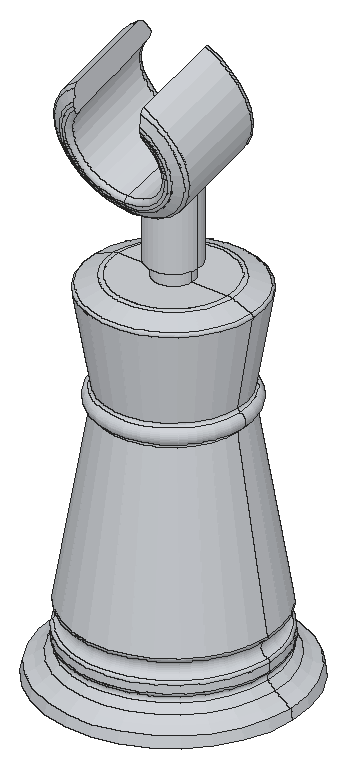
Revit family "Accessory-Handshower_Holder-KOHLER-ARCHER-K-8451X", category Specialty Equipment, host Face, Revit 2017
Family settings
  Host = Face
  Round Connector Dimension = Use Diameter
  Part Type = Normal
  OmniClass Number = 23.31.25.00
  OmniClass Title = Toilet and Bath Specialties
  Cut with Voids When Loaded = No
  Shared = No
  Room Calculation Point = No
Parameters (values of type "CP- Polished chrome")
  Width = 2 73/256"  # constant formula
  WaterSense Certified = 1 = 0  # no
  URL = "https://www.kohler.co.th/"
  Type = 1
  Product Page URL = "https://www.kohler.co.th/en/productDetails/8451X?skuid=8451X-CP"
  Product Name = "ARCHER"  # constant formula
  Product Documentation Link = "http://resources.kohler.com/plumbing/kohlerapac/pdf/1153010-X4-A.pdf"
  Model = if(Type = 1, "K-8451X-CP", "NA")  # "K-8451X-CP"
  Material = "Brass construction"  # constant formula
  Master Format 2014 Name = "Toilet, Bath, and Laundry Accessories"  # constant formula
  Master Format 2014 = "10 28 00"  # constant formula
  Manufacturer Address = "16th Floor, Jasmine City Building 2, Soi Sukhumvit 23, Sukhumvit Road, Khlong Toei Nuea, Watthana, Bangkok 10110\r\n"  # constant formula
  Manufacturer = "KOHLER Co."  # constant formula
  Length = 5 111/256"  # constant formula
  Height = 2 73/256"  # constant formula
  Finish = Kohler-Metal-CP-Polished_Chrome
  Environmental Product Declaration = ""
  Description = "Shower Bracket"  # constant formula
  Default Elevation = 42"
  Declare Label = ""
  Date Modified = "09/23/2020"  # constant formula
  Date Created = "09/23/2020"  # constant formula
  Copyright = "Copyright KOHLER Co."  # constant formula
  Contact Us = "https://www.kohler.co.th/contact-us"
  Assembly Code = "C1030200"
  ADA Compliant = 1 = 0  # no
Reference planes (in)
  plane 1 "Center (Front/Back)": y = 0
  plane 2: z = 0
  plane 3 "Center (Left/Right)": x = 0
  plane 4: x = -1.14173
  plane 5: y = 1.14173
  plane 6: x = 1.14342
  plane 7: y = -1.14342
  plane 8: z = 5.43359
  plane 9: through (0, -1.14173, 4.59954) normal (0, 0.2588, -0.9659)
  plane 10: y = -1.14173
Dimensions and locks (in)
  "Height": plane 7 to plane 5
  "Width": plane 4 to plane 6
  "Length": level to plane 8
  locked: plane 1 "Center (Front/Back)" to plane 9 (angle 75.00°)
  aligned and locked: plane 2 to host face
  aligned and locked: level to host face
  aligned and locked: plane 1 "Center (Front/Back)" to nested 1
  aligned and locked: plane 3 "Center (Left/Right)" to nested 1
  aligned and locked: plane 4 to nested 1
  aligned and locked: plane 5 to nested 1
  aligned and locked: plane 7 to nested 1
  aligned and locked: plane 6 to nested 1
  aligned and locked: plane 9 to nested 1
Automatic sketch dimensions
  host sketch curve to host sketch curve = 96"  (x2)
Nested families (in)
  nested 1: "K-8451X" at (0, 0, 0), type "K-8451X"
Definition of nested family "K-8451X"
  Parameters (values of type "K-8451X")
    Material = none
  Reference planes (in)
    plane 1 "Center (Front/Back)": y = 0
    plane 2: z = 0
    plane 3 "Center (Left/Right)": x = 0
    plane 4: x = -1.14173
    plane 5: y = 1.14173
    plane 6: y = -1.14173
    plane 7: x = 1.14173
    plane 8: z = 5.43307
    plane 9: through (0, 0.23987, 4.96974) normal (0, -0.2588, 0.9659)
  Forms (in)
    Revolve 1, solid, material <- "Material", detail levels medium+fine
      sketch origin (0, 0, 0) x (1, 0, 0) y (0, 0, 1)
        loop
          line (-0.17717, 3.40907) -> (-0.52263, 3.40907)
          arc (-0.52263, 3.40907) -> (-0.54346, 3.40702) -> (-0.5635, 3.40094) r 0.10679
          line (-0.5635, 3.40094) -> (-0.73942, 3.32806)
          arc (-0.73942, 3.32806) -> (-0.75442, 3.31464) -> (-0.75775, 3.29478) r 0.03042
          line (-0.75775, 3.29478) -> (-0.61785, 2.48471)
          arc (-0.61785, 2.48471) -> (-0.62111, 2.466) -> (-0.63549, 2.45359) r 0.0282
          arc (-0.63549, 2.45359) -> (-0.68451, 2.38352) -> (-0.63807, 2.31171) r 0.07659
          arc (-0.63807, 2.31171) -> (-0.6232, 2.29817) -> (-0.61992, 2.27833) r 0.03066
          line (-0.61992, 2.27833) -> (-0.90349, 0.63039)
          arc (-0.90349, 0.63039) -> (-0.90026, 0.60988) -> (-0.88523, 0.59555) r 0.03237
          arc (-0.88523, 0.59555) -> (-0.83778, 0.51538) -> (-0.89553, 0.44228) r 0.08232
          arc (-0.89553, 0.44228) -> (-0.91157, 0.43087) -> (-0.91771, 0.41218) r 0.03151
          line (-0.91771, 0.41218) -> (-0.91771, 0.33935)
          arc (-0.91771, 0.33935) -> (-0.91461, 0.32383) -> (-0.90577, 0.3107) r 0.04032
          arc (-0.90577, 0.3107) -> (-0.89448, 0.2849) -> (-0.90395, 0.25838) r 0.03818
          arc (-0.90395, 0.25838) -> (-0.93542, 0.22425) -> (-0.96851, 0.19168) r 0.9557
          arc (-0.96851, 0.19168) -> (-1.03996, 0.13609) -> (-1.12035, 0.09449) r 0.49348
          line (-1.12035, 0.09449) -> (-1.14173, 0) -> (0, 0) -> (0, 4.35286) -> (-0.23622, 4.35286) -> (-0.23622, 3.54474) -> (-0.17717, 3.54474) -> (-0.17717, 3.40907)
        axis (0, 4.35286) -> (0, 0)
      angle from 0 to 360
    Revolve 2, solid, material <- "Material", detail levels medium+fine
      sketch origin (0, 0, 0) x (0, 1, 0) y (0, 0, 1)
        loop
          line (0.29694, 4.51373) -> (-0.54608, 4.3191)
          arc (-0.54608, 4.3191) -> (-0.57095, 4.30103) -> (-0.57523, 4.27059) r 0.03934
          line (-0.57523, 4.27059) -> (-0.5671, 4.24023)
          arc (-0.5671, 4.24023) -> (-0.56115, 4.22588) -> (-0.55169, 4.21355) r 0.05952
          line (-0.55169, 4.21355) -> (-0.48395, 4.14581)
          arc (-0.48395, 4.14581) -> (-0.46482, 4.13477) -> (-0.44274, 4.13477) r 0.04266
          line (-0.44274, 4.13477) -> (0.29243, 4.33175)
          arc (0.29243, 4.33175) -> (0.31011, 4.34196) -> (0.32031, 4.35964) r 0.03943
          line (0.32031, 4.35964) -> (0.34756, 4.46132)
          arc (0.34756, 4.46132) -> (0.33708, 4.50184) -> (0.29694, 4.51373) r 0.0425
        axis (0.21324, 4.9626) -> (-0.69542, 4.71913)
      angle from 0 to 360
    Extrusion 3, void
      sketch origin (0, 0, 0) x (1, 0, 0) y (0, 0, 1)
        loop
          line (-0.31496, 5.57398) -> (-0.31496, 4.78695) -> (0.31496, 4.78695) -> (0.31496, 5.57398) -> (-0.31496, 5.57398)
      from 2.3622 to -0.64562
    Revolve 4, solid, material <- "Material", detail levels coarse
      sketch origin (0, 0, 0) x (1, 0, 0) y (0, 0, 1)
        loop
          line (-1.14173, 0) -> (0, 0) -> (0, 4.28301) -> (-0.23622, 4.28301) -> (-0.23622, 3.40907) -> (-0.90494, 3.40907) -> (-0.90494, 0.62669) -> (-1.14173, 0.62669) -> (-1.14173, 0)
        axis (0, 4.28301) -> (0, 0)
      angle from 0 to 360
    Revolve 5, solid, material <- "Material", detail levels coarse
      sketch origin (0, 0, 0) x (0, 1, 0) y (0, 0, 1)
        loop
          line (-0.5324, 4.11074) -> (0.38176, 4.35569) -> (0.33691, 4.52307) -> (-0.5858, 4.31004) -> (-0.5324, 4.11074)
        axis (0.21874, 4.96408) -> (-0.69542, 4.71913)
      angle from 0 to 360
  Cuts and joins
    Extrusion 3 cuts Revolve 2
    joined: Revolve 1, Revolve 2
    Extrusion 3 cuts Revolve 5
    joined: Revolve 4, Revolve 5
  Lines and regions (in)
    Masking region 1
      outline origin (0, 0, 0) x (1, 0, 0) y (0, 1, 0)
        loop
          circle (0, 0) r 1.14173
    Masking region 2
      outline origin (0, 0, 0) x (1, 0, 0) y (0, 0, 1)
        loop
          line (-0.17717, 3.40907) -> (-0.52263, 3.40907)
          arc (-0.52263, 3.40907) -> (-0.54346, 3.40702) -> (-0.5635, 3.40094) r 0.10679
          line (-0.5635, 3.40094) -> (-0.73942, 3.32806)
          arc (-0.73942, 3.32806) -> (-0.75442, 3.31464) -> (-0.75775, 3.29478) r 0.03042
          line (-0.75775, 3.29478) -> (-0.61785, 2.48471)
          arc (-0.61785, 2.48471) -> (-0.62111, 2.466) -> (-0.63549, 2.45359) r 0.0282
          arc (-0.63549, 2.45359) -> (-0.68451, 2.38352) -> (-0.63807, 2.31171) r 0.07659
          arc (-0.63807, 2.31171) -> (-0.6232, 2.29817) -> (-0.61992, 2.27833) r 0.03066
          line (-0.61992, 2.27833) -> (-0.90349, 0.63039)
          arc (-0.90349, 0.63039) -> (-0.90026, 0.60988) -> (-0.88523, 0.59555) r 0.03237
          arc (-0.88523, 0.59555) -> (-0.83778, 0.51538) -> (-0.89553, 0.44228) r 0.08232
          arc (-0.89553, 0.44228) -> (-0.91157, 0.43087) -> (-0.91771, 0.41218) r 0.03151
          line (-0.91771, 0.41218) -> (-0.91771, 0.33935)
          arc (-0.91771, 0.33935) -> (-0.91461, 0.32383) -> (-0.90577, 0.3107) r 0.04032
          arc (-0.90577, 0.3107) -> (-0.89448, 0.2849) -> (-0.90395, 0.25838) r 0.03818
          arc (-0.90395, 0.25838) -> (-0.93542, 0.22425) -> (-0.96851, 0.19168) r 0.9557
          arc (-0.96851, 0.19168) -> (-1.03996, 0.13609) -> (-1.12035, 0.09449) r 0.49348
          line (-1.12035, 0.09449) -> (-1.14173, 0) -> (0, 0) -> (1.14173, 0) -> (1.12035, 0.09449)
          arc (1.12035, 0.09449) -> (1.03996, 0.13609) -> (0.96851, 0.19168) r 0.49348
          arc (0.96851, 0.19168) -> (0.93542, 0.22425) -> (0.90395, 0.25838) r 0.9557
          arc (0.90395, 0.25838) -> (0.89448, 0.2849) -> (0.90577, 0.3107) r 0.03818
          arc (0.90577, 0.3107) -> (0.91461, 0.32383) -> (0.91771, 0.33935) r 0.04032
          line (0.91771, 0.33935) -> (0.91771, 0.41218)
          arc (0.91771, 0.41218) -> (0.91157, 0.43087) -> (0.89553, 0.44228) r 0.03151
          arc (0.89553, 0.44228) -> (0.83778, 0.51538) -> (0.88523, 0.59555) r 0.08232
          arc (0.88523, 0.59555) -> (0.90026, 0.60988) -> (0.90349, 0.63039) r 0.03237
          line (0.90349, 0.63039) -> (0.61992, 2.27833)
          arc (0.61992, 2.27833) -> (0.6232, 2.29817) -> (0.63807, 2.31171) r 0.03066
          arc (0.63807, 2.31171) -> (0.68451, 2.38352) -> (0.63549, 2.45359) r 0.07659
          arc (0.63549, 2.45359) -> (0.62111, 2.466) -> (0.61785, 2.48471) r 0.0282
          line (0.61785, 2.48471) -> (0.75775, 3.29478)
          arc (0.75775, 3.29478) -> (0.75442, 3.31464) -> (0.73942, 3.32806) r 0.03042
          line (0.73942, 3.32806) -> (0.5635, 3.40094)
          arc (0.5635, 3.40094) -> (0.54346, 3.40702) -> (0.52263, 3.40907) r 0.10679
          line (0.52263, 3.40907) -> (0.17717, 3.40907) -> (0.17717, 3.54474) -> (0.23622, 3.54474) -> (0.23622, 4.17779)
          arc (0.23622, 4.17779) -> (0.51547, 4.39278) -> (0.62985, 4.72611) r 0.61198
          line (0.62985, 4.72611) -> (0.62985, 4.94079)
          arc (0.62985, 4.94079) -> (0.56419, 5.21236) -> (0.38302, 5.42506) r 0.60207
          arc (0.38302, 5.42506) -> (0.33838, 5.42867) -> (0.31496, 5.3905) r 0.0428
          line (0.31496, 5.3905) -> (0.31496, 5.00439)
          arc (0.31496, 5.00439) -> (0.38511, 4.90369) -> (0.42052, 4.78618) r 0.39026
          arc (0.42052, 4.78618) -> (0.25126, 4.58697) -> (0, 4.51483) r 0.45189
          arc (0, 4.51483) -> (-0.25126, 4.58697) -> (-0.42052, 4.78618) r 0.45189
          arc (-0.42052, 4.78618) -> (-0.38511, 4.90369) -> (-0.31496, 5.00439) r 0.39026
          line (-0.31496, 5.00439) -> (-0.31496, 5.3905)
          arc (-0.31496, 5.3905) -> (-0.33838, 5.42867) -> (-0.38302, 5.42506) r 0.0428
          arc (-0.38302, 5.42506) -> (-0.56419, 5.21236) -> (-0.62985, 4.94079) r 0.60207
          line (-0.62985, 4.94079) -> (-0.62985, 4.72611)
          arc (-0.62985, 4.72611) -> (-0.51547, 4.39278) -> (-0.23622, 4.17779) r 0.61198
          line (-0.23622, 4.17779) -> (-0.23622, 3.54474) -> (-0.17717, 3.54474) -> (-0.17717, 3.40907)
    Masking region 3
      outline origin (0, 0, 0) x (0, 1, 0) y (0, 0, 1)
        loop
          line (-0.17717, 3.40907) -> (-0.52263, 3.40907)
          arc (-0.52263, 3.40907) -> (-0.54346, 3.40702) -> (-0.5635, 3.40094) r 0.10679
          line (-0.5635, 3.40094) -> (-0.73942, 3.32806)
          arc (-0.73942, 3.32806) -> (-0.75442, 3.31464) -> (-0.75775, 3.29478) r 0.03042
          line (-0.75775, 3.29478) -> (-0.61785, 2.48471)
          arc (-0.61785, 2.48471) -> (-0.62111, 2.466) -> (-0.63549, 2.45359) r 0.0282
          arc (-0.63549, 2.45359) -> (-0.68451, 2.38352) -> (-0.63807, 2.31171) r 0.07659
          arc (-0.63807, 2.31171) -> (-0.6232, 2.29817) -> (-0.61992, 2.27833) r 0.03066
          line (-0.61992, 2.27833) -> (-0.90349, 0.63039)
          arc (-0.90349, 0.63039) -> (-0.90026, 0.60988) -> (-0.88523, 0.59555) r 0.03237
          arc (-0.88523, 0.59555) -> (-0.83778, 0.51538) -> (-0.89553, 0.44228) r 0.08232
          arc (-0.89553, 0.44228) -> (-0.91157, 0.43087) -> (-0.91771, 0.41218) r 0.03151
          line (-0.91771, 0.41218) -> (-0.91771, 0.33935)
          arc (-0.91771, 0.33935) -> (-0.91461, 0.32383) -> (-0.90577, 0.3107) r 0.04032
          arc (-0.90577, 0.3107) -> (-0.89448, 0.2849) -> (-0.90395, 0.25838) r 0.03818
          arc (-0.90395, 0.25838) -> (-0.93542, 0.22425) -> (-0.96851, 0.19168) r 0.9557
          arc (-0.96851, 0.19168) -> (-1.03996, 0.13609) -> (-1.12035, 0.09449) r 0.49348
          line (-1.12035, 0.09449) -> (-1.14173, 0) -> (0, 0) -> (1.14173, 0) -> (1.12035, 0.09449)
          arc (1.12035, 0.09449) -> (1.03996, 0.13609) -> (0.96851, 0.19168) r 0.49348
          arc (0.96851, 0.19168) -> (0.93542, 0.22425) -> (0.90395, 0.25838) r 0.9557
          arc (0.90395, 0.25838) -> (0.89448, 0.2849) -> (0.90577, 0.3107) r 0.03818
          arc (0.90577, 0.3107) -> (0.91461, 0.32383) -> (0.91771, 0.33935) r 0.04032
          line (0.91771, 0.33935) -> (0.91771, 0.41218)
          arc (0.91771, 0.41218) -> (0.91157, 0.43087) -> (0.89553, 0.44228) r 0.03151
          arc (0.89553, 0.44228) -> (0.83778, 0.51538) -> (0.88523, 0.59555) r 0.08232
          arc (0.88523, 0.59555) -> (0.90026, 0.60988) -> (0.90349, 0.63039) r 0.03237
          line (0.90349, 0.63039) -> (0.61992, 2.27833)
          arc (0.61992, 2.27833) -> (0.6232, 2.29817) -> (0.63807, 2.31171) r 0.03066
          arc (0.63807, 2.31171) -> (0.68451, 2.38352) -> (0.63549, 2.45359) r 0.07659
          arc (0.63549, 2.45359) -> (0.62111, 2.466) -> (0.61785, 2.48471) r 0.0282
          line (0.61785, 2.48471) -> (0.75775, 3.29478)
          arc (0.75775, 3.29478) -> (0.75442, 3.31464) -> (0.73942, 3.32806) r 0.03042
          line (0.73942, 3.32806) -> (0.5635, 3.40094)
          arc (0.5635, 3.40094) -> (0.54346, 3.40702) -> (0.52263, 3.40907) r 0.10679
          line (0.52263, 3.40907) -> (0.17717, 3.40907) -> (0.17717, 3.54474) -> (0.23622, 3.54474) -> (0.23622, 4.26898)
          arc (0.23622, 4.26898) -> (0.25115, 4.3094) -> (0.28876, 4.33041) r 0.06218
          arc (0.28876, 4.33041) -> (0.30855, 4.33983) -> (0.32001, 4.35851) r 0.03855
          line (0.32001, 4.35851) -> (0.34616, 4.4561)
          arc (0.34616, 4.4561) -> (0.3483, 4.47232) -> (0.34616, 4.48853) r 0.06265
          line (0.34616, 4.48853) -> (0.12262, 5.3228)
          arc (0.12262, 5.3228) -> (0.11636, 5.33791) -> (0.10641, 5.35088) r 0.06265
          line (0.10641, 5.35088) -> (0.03571, 5.42158)
          arc (0.03571, 5.42158) -> (0.01812, 5.43173) -> (-0.00219, 5.43173) r 0.03923
          line (-0.00219, 5.43173) -> (-0.06771, 5.41418) -> (-0.73686, 5.23488)
          arc (-0.73686, 5.23488) -> (-0.75647, 5.22355) -> (-0.7678, 5.20394) r 0.04376
          line (-0.7678, 5.20394) -> (-0.7924, 5.11212)
          arc (-0.7924, 5.11212) -> (-0.79445, 5.0966) -> (-0.7924, 5.08108) r 0.05995
          line (-0.7924, 5.08108) -> (-0.56713, 4.24035)
          arc (-0.56713, 4.24035) -> (-0.56114, 4.22589) -> (-0.55161, 4.21347) r 0.05995
          line (-0.55161, 4.21347) -> (-0.4844, 4.14626)
          arc (-0.4844, 4.14626) -> (-0.46478, 4.13493) -> (-0.44213, 4.13493) r 0.04376
          line (-0.44213, 4.13493) -> (-0.27392, 4.18)
          arc (-0.27392, 4.18) -> (-0.24794, 4.17483) -> (-0.23622, 4.15108) r 0.02995
          line (-0.23622, 4.15108) -> (-0.23622, 3.54474) -> (-0.17717, 3.54474) -> (-0.17717, 3.40907)
    symbolic lines, detail levels medium+fine
      curve 1: circle (0, 0, 0) r 1.12035 normal (0, 0, 1)
      curve 2: circle (0, 0, 0) r 0.91872 normal (0, 0, 1)
      curve 3: circle (0, 0, 0) r 0.90391 normal (0, 0, 1)
      curve 4: arc (0.00001, -0.75789, 0) -> (0.16117, -0.74055, 0) -> (0.31496, -0.68934, 0) r 0.75789
      curve 5: arc (-0.01428, -0.7385, 0) -> (0.15441, -0.72232, 0) -> (0.31496, -0.66812, 0) r 0.73864
      curve 6: arc (-0.47886, 0.27009, 0) -> (0, 0.54978, 0) -> (0.47886, 0.27009, 0) r 0.54978
      curve 7: arc (-0.46075, 0.27732, 0) -> (0, 0.53777, 0) -> (0.46075, 0.27732, 0) r 0.53777
      curve 8: line (-0.31496, 0.08987, 0) -> (-0.31496, -0.75022, 0)
      curve 9: line (-0.37795, -0.001, 0) -> (-0.37795, -0.73804, 0)
      curve 10: line (-0.62992, 0.12434, 0) -> (-0.62992, -0.60959, 0)
      curve 11: arc (-0.31496, -0.68934, 0) -> (-0.16116, -0.74055, 0) -> (0.00001, -0.75789, 0) r 0.75789
      curve 12: arc (-0.31496, -0.66812, 0) -> (-0.16834, -0.7192, 0) -> (-0.01428, -0.7385, 0) r 0.73864
      curve 13: arc (0.62992, -0.38573, 0) -> (0, 0.73864, 0) -> (-0.62992, -0.38573, 0) r 0.73864
      curve 14: arc (0.62992, -0.42142, 0) -> (0, 0.75789, 0) -> (-0.62992, -0.42142, 0) r 0.75789
      curve 15: arc (-0.31496, -0.58236, 0) -> (0, -0.54536, 0) -> (0.31496, -0.58236, 0) r 1.35933
      curve 16: arc (-0.31496, -0.60965, 0) -> (0, -0.57557, 0) -> (0.31496, -0.60965, 0) r 1.47269
      curve 17: arc (-0.62992, -0.60959, 0) -> (-0.62676, -0.63096, 0) -> (-0.61755, -0.6505, 0) r 0.07384
      curve 18: arc (-0.61755, -0.6505, 0) -> (-0.59133, -0.68102, 0) -> (-0.55847, -0.70425, 0) r 0.16439
      curve 19: arc (-0.55847, -0.70425, 0) -> (-0.49344, -0.73722, 0) -> (-0.42693, -0.76708, 0) r 1.54526
      curve 20: arc (-0.42693, -0.76708, 0) -> (-0.3936, -0.779, 0) -> (-0.35916, -0.78718, 0) r 0.32145
      curve 21: arc (-0.35916, -0.78718, 0) -> (-0.32843, -0.77903, 0) -> (-0.31496, -0.75022, 0) r 0.03755
      curve 22: arc (-0.62992, -0.60959, 0) -> (-0.60957, -0.64843, 0) -> (-0.57425, -0.67441, 0) r 0.09742
      curve 23: arc (-0.57425, -0.67441, 0) -> (-0.5641, -0.67925, 0) -> (-0.55434, -0.68485, 0) r 0.14861
      curve 24: arc (-0.55434, -0.68485, 0) -> (-0.5287, -0.6982, 0) -> (-0.50129, -0.70736, 0) r 0.18383
      curve 25: arc (-0.37795, -0.73804, 0) -> (-0.44036, -0.72566, 0) -> (-0.50129, -0.70736, 0) r 0.66256
      curve 26: arc (-0.31496, -0.72989, 0) -> (-0.32925, -0.73815, 0) -> (-0.34567, -0.73987, 0) r 0.03958
      curve 27: arc (-0.34567, -0.73987, 0) -> (-0.36187, -0.73995, 0) -> (-0.37795, -0.73804, 0) r 0.13111
      curve 28: arc (-0.31496, -0.72989, 0) -> (-0.33118, -0.76135, 0) -> (-0.36614, -0.7669, 0) r 0.03919
      curve 29: arc (-0.36614, -0.7669, 0) -> (-0.44499, -0.74945, 0) -> (-0.52132, -0.72309, 0) r 0.70375
      curve 30: arc (-0.37795, -0.73804, 0) -> (-0.37586, -0.75403, 0) -> (-0.36614, -0.7669, 0) r 0.03154
      curve 31: spline (-0.62992, 0.12434, 0) -> (-0.62454, 0.1536, 0) -> (-0.60849, 0.18236, 0) -> (-0.58205, 0.21012, 0) -> (-0.54566, 0.23643, 0) -> (-0.49996, 0.26081, 0) -> (-0.44571, 0.28287, 0) -> (-0.38385, 0.30222, 0) -> (-0.31543, 0.31853, 0) -> (-0.24162, 0.33152, 0) -> (-0.16369, 0.34097, 0) -> (-0.08296, 0.34672, 0) -> (-0.00081, 0.34868, 0)
      curve 32: arc (-0.62992, 0.12434, 0) -> (-0.61343, 0.09223, 0) -> (-0.58544, 0.06941, 0) r 0.08818
      curve 33: arc (-0.58544, 0.06941, 0) -> (-0.48435, 0.02638, 0) -> (-0.37795, -0.001, 0) r 0.73016
      curve 34: arc (-0.37795, -0.001, 0) -> (-0.36012, -0.00293, 0) -> (-0.34218, -0.0024, 0) r 0.13052
      curve 35: arc (-0.34218, -0.0024, 0) -> (-0.33292, -0.00114, 0) -> (-0.32378, 0.00078, 0) r 0.12928
      curve 36: arc (-0.32378, 0.00078, 0) -> (-0.31875, 0.00311, 0) -> (-0.31496, 0.00715, 0) r 0.01457
      curve 37: arc (-0.31496, 0.00715, 0) -> (-0.33364, 0.03385, 0) -> (-0.36615, 0.03602, 0) r 0.03769
      curve 38: arc (-0.36615, 0.03602, 0) -> (-0.44861, 0.05511, 0) -> (-0.52839, 0.0834, 0) r 0.74879
      curve 39: arc (-0.52839, 0.0834, 0) -> (-0.56687, 0.10458, 0) -> (-0.60005, 0.13337, 0) r 0.20781
      curve 40: arc (-0.60005, 0.13337, 0) -> (-0.61172, 0.16608, 0) -> (-0.59595, 0.19701, 0) r 0.04385
      curve 41: line (-0.36615, 0.03602, 0) -> (-0.36825, 0.11678, 0)
      curve 42: line (-0.36825, 0.11678, 0) -> (-0.33661, 0.11402, 0)
      curve 43: arc (-0.33661, 0.11402, 0) -> (-0.32101, 0.10622, 0) -> (-0.31496, 0.08987, 0) r 0.02372
      curve 44: spline (-0.45538, 0.18147, 0) -> (-0.45147, 0.19676, 0) -> (-0.43982, 0.21179, 0) -> (-0.42062, 0.2263, 0) -> (-0.3942, 0.24004, 0) -> (-0.36102, 0.25278, 0) -> (-0.32164, 0.26429, 0) -> (-0.27675, 0.27438, 0) -> (-0.22711, 0.28288, 0) -> (-0.17357, 0.28963, 0) -> (-0.11705, 0.29453, 0) -> (-0.05852, 0.29749, 0) -> (0.00101, 0.29846, 0)
      curve 45: arc (-0.45538, 0.18147, 0) -> (-0.40333, 0.14754, 0) -> (-0.34437, 0.12795, 0) r 0.24234
      curve 46: arc (-0.34437, 0.12795, 0) -> (-0.32249, 0.11445, 0) -> (-0.31496, 0.08987, 0) r 0.03645
      curve 47: spline (-0.46749, 0.27168, 0) -> (-0.41705, 0.29299, 0) -> (-0.35229, 0.31153, 0) -> (-0.27544, 0.32666, 0) -> (-0.18913, 0.33785, 0) -> (-0.09633, 0.34473, 0) -> (-0.00022, 0.34705, 0) -> (0.0959, 0.34475, 0) -> (0.18873, 0.33789, 0) -> (0.27508, 0.32671, 0) -> (0.35198, 0.31161, 0) -> (0.41679, 0.29308, 0) -> (0.4673, 0.27178, 0)
      curve 48: spline (-0.36823, 0.116, 0) -> (-0.40398, 0.12644, 0) -> (-0.43545, 0.13778, 0) -> (-0.4623, 0.14991, 0) -> (-0.48426, 0.16269, 0) -> (-0.50109, 0.176, 0) -> (-0.51261, 0.18969, 0) -> (-0.5187, 0.20362, 0) -> (-0.5193, 0.21764, 0) -> (-0.5144, 0.23161, 0) -> (-0.50404, 0.24536, 0) -> (-0.48835, 0.25877, 0) -> (-0.46749, 0.27168, 0)
      curve 49: spline (-0.50126, 0.21727, 0) -> (-0.49697, 0.23421, 0) -> (-0.48417, 0.25086, 0) -> (-0.46308, 0.26693, 0) -> (-0.43407, 0.28215, 0) -> (-0.39762, 0.29627, 0) -> (-0.35436, 0.30903, 0) -> (-0.30504, 0.32021, 0) -> (-0.2505, 0.32964, 0) -> (-0.19166, 0.33714, 0) -> (-0.12955, 0.34259, 0) -> (-0.06522, 0.3459, 0) -> (0.00023, 0.347, 0)
      curve 50: spline (-0.35644, 0.12563, 0) -> (-0.37857, 0.13184, 0) -> (-0.39911, 0.13841, 0) -> (-0.41796, 0.14532, 0) -> (-0.43504, 0.15253, 0) -> (-0.45029, 0.16001, 0) -> (-0.46364, 0.16773, 0) -> (-0.47504, 0.17567, 0) -> (-0.48442, 0.18378, 0) -> (-0.49177, 0.19203, 0) -> (-0.49703, 0.20038, 0) -> (-0.5002, 0.20881, 0) -> (-0.50126, 0.21727, 0)
      curve 51: arc (-0.36825, 0.11678, 0) -> (-0.35275, 0.12672, 0) -> (-0.33452, 0.1241, 0) r 0.02639
      curve 52: arc (-0.36615, 0.03602, 0) -> (-0.37493, 0.01842, 0) -> (-0.37795, -0.001, 0) r 0.06396
      curve 53: line (0.31496, 0.08987, 0) -> (0.31496, -0.75022, 0)
      curve 54: line (0.37795, -0.001, 0) -> (0.37795, -0.73804, 0)
      curve 55: line (0.62992, 0.12434, 0) -> (0.62992, -0.60959, 0)
      curve 56: arc (0.31496, -0.68934, 0) -> (0.16116, -0.74055, 0) -> (-0.00001, -0.75789, 0) r 0.75789
      curve 57: arc (0.62992, -0.60959, 0) -> (0.62676, -0.63096, 0) -> (0.61755, -0.6505, 0) r 0.07384
      curve 58: arc (0.61755, -0.6505, 0) -> (0.59133, -0.68102, 0) -> (0.55847, -0.70425, 0) r 0.16439
      curve 59: arc (0.55847, -0.70425, 0) -> (0.49344, -0.73722, 0) -> (0.42693, -0.76708, 0) r 1.54526
      curve 60: arc (0.42693, -0.76708, 0) -> (0.3936, -0.779, 0) -> (0.35916, -0.78718, 0) r 0.32145
      curve 61: arc (0.35916, -0.78718, 0) -> (0.32843, -0.77903, 0) -> (0.31496, -0.75022, 0) r 0.03755
      curve 62: arc (0.62992, -0.60959, 0) -> (0.60957, -0.64843, 0) -> (0.57425, -0.67441, 0) r 0.09742
      curve 63: arc (0.37795, -0.73804, 0) -> (0.44036, -0.72566, 0) -> (0.50129, -0.70736, 0) r 0.66256
      curve 64: arc (0.31496, -0.72989, 0) -> (0.32925, -0.73815, 0) -> (0.34567, -0.73987, 0) r 0.03958
      curve 65: arc (0.34567, -0.73987, 0) -> (0.36187, -0.73995, 0) -> (0.37795, -0.73804, 0) r 0.13111
      curve 66: arc (0.31496, -0.72989, 0) -> (0.33118, -0.76135, 0) -> (0.36614, -0.7669, 0) r 0.03919
      curve 67: arc (0.36614, -0.7669, 0) -> (0.44499, -0.74945, 0) -> (0.52132, -0.72309, 0) r 0.70375
      curve 68: arc (0.37795, -0.73804, 0) -> (0.37586, -0.75403, 0) -> (0.36614, -0.7669, 0) r 0.03154
      curve 69: spline (0.62992, 0.12434, 0) -> (0.62454, 0.1536, 0) -> (0.60849, 0.18236, 0) -> (0.58205, 0.21012, 0) -> (0.54566, 0.23643, 0) -> (0.49996, 0.26081, 0) -> (0.44571, 0.28287, 0) -> (0.38385, 0.30222, 0) -> (0.31543, 0.31853, 0) -> (0.24162, 0.33152, 0) -> (0.16369, 0.34097, 0) -> (0.08296, 0.34672, 0) -> (0.00081, 0.34868, 0)
      curve 70: arc (0.62992, 0.12434, 0) -> (0.61343, 0.09223, 0) -> (0.58544, 0.06941, 0) r 0.08818
      curve 71: arc (0.58544, 0.06941, 0) -> (0.48435, 0.02638, 0) -> (0.37795, -0.001, 0) r 0.73016
      curve 72: arc (0.37795, -0.001, 0) -> (0.34619, -0.00273, 0) -> (0.31496, 0.00327, 0) r 0.13052
      curve 73: arc (0.31496, 0.00715, 0) -> (0.33364, 0.03385, 0) -> (0.36615, 0.03602, 0) r 0.03769
      curve 74: arc (0.36615, 0.03602, 0) -> (0.44861, 0.05511, 0) -> (0.52839, 0.0834, 0) r 0.74879
      curve 75: arc (0.52839, 0.0834, 0) -> (0.56687, 0.10458, 0) -> (0.60005, 0.13337, 0) r 0.20781
      curve 76: arc (0.60005, 0.13337, 0) -> (0.61172, 0.16608, 0) -> (0.59595, 0.19701, 0) r 0.04385
      curve 77: line (0.36615, 0.03602, 0) -> (0.36825, 0.11678, 0)
      curve 78: line (0.36825, 0.11678, 0) -> (0.33661, 0.11402, 0)
      curve 79: arc (0.33661, 0.11402, 0) -> (0.32101, 0.10622, 0) -> (0.31496, 0.08987, 0) r 0.02372
      curve 80: spline (0.45538, 0.18147, 0) -> (0.45147, 0.19676, 0) -> (0.43982, 0.21179, 0) -> (0.42062, 0.2263, 0) -> (0.3942, 0.24004, 0) -> (0.36102, 0.25278, 0) -> (0.32164, 0.26429, 0) -> (0.27675, 0.27438, 0) -> (0.22711, 0.28288, 0) -> (0.17357, 0.28963, 0) -> (0.11705, 0.29453, 0) -> (0.05852, 0.29749, 0) -> (-0.00101, 0.29846, 0)
      curve 81: arc (0.45538, 0.18147, 0) -> (0.40333, 0.14754, 0) -> (0.34437, 0.12795, 0) r 0.24234
      curve 82: arc (0.34437, 0.12795, 0) -> (0.32249, 0.11445, 0) -> (0.31496, 0.08987, 0) r 0.03645
      curve 83: spline (0.36823, 0.116, 0) -> (0.404, 0.12644, 0) -> (0.43549, 0.13779, 0) -> (0.46235, 0.14993, 0) -> (0.48431, 0.16273, 0) -> (0.50114, 0.17605, 0) -> (0.51265, 0.18975, 0) -> (0.51872, 0.20369, 0) -> (0.51929, 0.21772, 0) -> (0.51435, 0.23169, 0) -> (0.50396, 0.24545, 0) -> (0.48822, 0.25886, 0) -> (0.4673, 0.27178, 0)
      curve 84: spline (0.50126, 0.21727, 0) -> (0.49697, 0.23421, 0) -> (0.48417, 0.25086, 0) -> (0.46307, 0.26694, 0) -> (0.43405, 0.28216, 0) -> (0.39759, 0.29628, 0) -> (0.35432, 0.30904, 0) -> (0.30499, 0.32023, 0) -> (0.25043, 0.32965, 0) -> (0.19158, 0.33715, 0) -> (0.12945, 0.3426, 0) -> (0.06511, 0.3459, 0) -> (-0.00035, 0.347, 0)
      curve 85: spline (0.35644, 0.12563, 0) -> (0.37857, 0.13184, 0) -> (0.39911, 0.13841, 0) -> (0.41796, 0.14532, 0) -> (0.43504, 0.15253, 0) -> (0.45029, 0.16001, 0) -> (0.46364, 0.16773, 0) -> (0.47504, 0.17567, 0) -> (0.48442, 0.18378, 0) -> (0.49177, 0.19203, 0) -> (0.49703, 0.20038, 0) -> (0.5002, 0.20881, 0) -> (0.50126, 0.21727, 0)
      curve 86: arc (0.36825, 0.11678, 0) -> (0.35275, 0.12672, 0) -> (0.33452, 0.1241, 0) r 0.02639
      curve 87: arc (0.36615, 0.03602, 0) -> (0.37493, 0.01842, 0) -> (0.37795, -0.001, 0) r 0.06396
      curve 88: arc (0.57425, -0.67441, 0) -> (0.5391, -0.69382, 0) -> (0.50129, -0.70736, 0) r 0.25004
      curve 89: arc (-0.06716, 0.34784, 0) -> (0, 0.35488, 0) -> (0.06715, 0.34784, 0) r 0.32372
      curve 90: line (0.17717, 0, 3.54474) -> (-0.17717, 0, 3.54474)
      curve 91: line (0.17717, 0, 3.40907) -> (-0.17717, 0, 3.40907)
      curve 92: line (0.5635, 0, 3.40094) -> (-0.5635, 0, 3.40094)
      curve 93: line (0.73942, 0, 3.32806) -> (-0.73942, 0, 3.32806)
      curve 94: line (0.75775, 0, 3.29478) -> (-0.75775, 0, 3.29478)
      curve 95: line (0.61785, 0, 2.48471) -> (-0.61785, 0, 2.48471)
      curve 96: line (0.63549, 0, 2.45359) -> (-0.63549, 0, 2.45359)
      curve 97: line (0.61992, 0, 2.27833) -> (-0.61992, 0, 2.27833)
      curve 98: line (0.63807, 0, 2.31171) -> (-0.63807, 0, 2.31171)
      curve 99: line (0.90349, 0, 0.63039) -> (-0.90349, 0, 0.63039)
      curve 100: line (0.88523, 0, 0.59555) -> (-0.88523, 0, 0.59555)
      curve 101: line (0.89553, 0, 0.44228) -> (-0.89553, 0, 0.44228)
      curve 102: line (0.91771, 0, 0.41218) -> (-0.91771, 0, 0.41218)
      curve 103: line (0.91771, 0, 0.33935) -> (-0.91771, 0, 0.33935)
      curve 104: line (0.90577, 0, 0.3107) -> (-0.90577, 0, 0.3107)
      curve 105: line (0.90395, 0, 0.25838) -> (-0.90395, 0, 0.25838)
      curve 106: line (1.12035, 0, 0.09449) -> (-1.12035, 0, 0.09449)
      curve 107: arc (0.36613, 0, 5.4206) -> (0.57219, 0, 4.75581) -> (0, 0, 4.35958) r 0.58837
      curve 108: arc (0.62985, 0, 4.94079) -> (0.44036, 0, 4.5066) -> (0, 0, 4.33194) r 0.62174
      curve 109: arc (0.42052, 0, 4.78618) -> (0.44474, 0, 5.03772) -> (0.32618, 0, 5.26088) r 0.43865
      curve 110: arc (0.32618, 0, 5.26088) -> (0.31897, 0, 5.27071) -> (0.31496, 0, 5.28222) r 0.04124
      curve 111: line (0.36613, 0, 5.4206) -> (0.36825, 0, 5.31831)
      curve 112: arc (0.36825, 0, 5.31831) -> (0.35211, 0, 5.3238) -> (0.33597, 0, 5.31831) r 0.02648
      curve 113: arc (0.33597, 0, 5.31831) -> (0.32445, 0, 5.30773) -> (0.31496, 0, 5.2953) r 0.08916
      curve 114: arc (0.36613, 0, 5.4206) -> (0.33735, 0, 5.41933) -> (0.31602, 0, 5.39995) r 0.04238
      curve 115: line (0.32618, 0, 5.26088) -> (0.32618, 0, 4.99186)
      curve 116: arc (0.36825, 0, 5.31831) -> (0.34287, 0, 5.29278) -> (0.32618, 0, 5.26088) r 0.12039
      curve 117: arc (0.36825, 0, 5.31831) -> (0.47944, 0, 4.76217) -> (0, 0, 4.45919) r 0.50055
      curve 118: line (0.23622, 0, 4.17779) -> (0.23622, 0, 4.2501)
      curve 119: arc (0.23622, 0, 4.2501) -> (0.22229, 0, 4.26703) -> (0.20066, 0, 4.27063) r 0.03123
      curve 120: arc (0.20066, 0, 4.27063) -> (0.10077, 0, 4.25732) -> (0, 0, 4.25629) r 0.82491
      curve 121: arc (0.23622, 0, 4.2501) -> (0.26809, 0, 4.2796) -> (0.27943, 0, 4.32152) r 0.0786
      curve 122: arc (0.27943, 0, 4.32152) -> (0.2769, 0, 4.32936) -> (0.27044, 0, 4.33447) r 0.01413
      curve 123: arc (0.27044, 0, 4.33447) -> (0.24516, 0, 4.34108) -> (0.21903, 0, 4.34166) r 0.11213
      curve 124: arc (0.21903, 0, 4.34166) -> (0.10964, 0, 4.33404) -> (0, 0, 4.33194) r 2.18096
      curve 125: arc (0.23622, 0, 4.2501) -> (0.24713, 0, 4.29228) -> (0.27943, 0, 4.32152) r 0.07595
      curve 126: arc (-0.36613, 0, 5.4206) -> (-0.57219, 0, 4.75581) -> (0, 0, 4.35958) r 0.58837
      curve 127: arc (-0.62985, 0, 4.94079) -> (-0.44036, 0, 4.5066) -> (0, 0, 4.33194) r 0.62174
      curve 128: arc (-0.42052, 0, 4.78618) -> (-0.44474, 0, 5.03772) -> (-0.32618, 0, 5.26088) r 0.43865
      curve 129: line (-0.36613, 0, 5.4206) -> (-0.36825, 0, 5.31831)
      curve 130: arc (-0.36825, 0, 5.31831) -> (-0.35211, 0, 5.3238) -> (-0.33597, 0, 5.31831) r 0.02648
      curve 131: arc (-0.33597, 0, 5.31831) -> (-0.32445, 0, 5.30773) -> (-0.31496, 0, 5.2953) r 0.08916
      curve 132: arc (-0.36613, 0, 5.4206) -> (-0.33735, 0, 5.41933) -> (-0.31602, 0, 5.39995) r 0.04238
      curve 133: arc (-0.36825, 0, 5.31831) -> (-0.34287, 0, 5.29278) -> (-0.32618, 0, 5.26088) r 0.12039
      curve 134: arc (-0.36825, 0, 5.31831) -> (-0.47944, 0, 4.76217) -> (0, 0, 4.45919) r 0.50055
      curve 135: line (-0.23622, 0, 4.17779) -> (-0.23622, 0, 4.2501)
      curve 136: arc (-0.23622, 0, 4.2501) -> (-0.22229, 0, 4.26703) -> (-0.20066, 0, 4.27063) r 0.03123
      curve 137: arc (-0.20066, 0, 4.27063) -> (-0.10077, 0, 4.25732) -> (0, 0, 4.25629) r 0.82491
      curve 138: arc (-0.23622, 0, 4.2501) -> (-0.26809, 0, 4.2796) -> (-0.27943, 0, 4.32152) r 0.0786
      curve 139: arc (-0.27044, 0, 4.33447) -> (-0.24516, 0, 4.34108) -> (-0.21903, 0, 4.34166) r 0.11213
      curve 140: arc (-0.21903, 0, 4.34166) -> (-0.10964, 0, 4.33404) -> (0, 0, 4.33194) r 2.18096
      curve 141: arc (-0.23622, 0, 4.2501) -> (-0.24713, 0, 4.29228) -> (-0.27943, 0, 4.32152) r 0.07595
      curve 142: arc (-0.32618, 0, 5.26088) -> (-0.31897, 0, 5.27071) -> (-0.31496, 0, 5.28222) r 0.04124
      curve 143: arc (-0.27943, 0, 4.32152) -> (-0.2769, 0, 4.32936) -> (-0.27044, 0, 4.33447) r 0.01413
      curve 144: line (-0.32618, 0, 5.26088) -> (-0.32618, 0, 4.99186)
      curve 145: line (0, 0.10641, 5.35088) -> (0, 0.34616, 4.4561)
      curve 146: line (0, 0.32028, 4.35952) -> (0, 0.03571, 5.42158)
      curve 147: line (0, -0.00219, 5.43173) -> (0, 0.29262, 4.33148)
      curve 148: line (0, -0.55161, 4.21347) -> (0, -0.7924, 5.11212)
      curve 149: line (0, -0.7678, 5.20394) -> (0, -0.4844, 4.14626)
      curve 150: line (0, -0.73686, 5.23488) -> (0, -0.44213, 4.13493)
      curve 151: arc (0, -0.23622, 4.15108) -> (0, -0.00462, 4.22855) -> (0, 0.23622, 4.26898) r 1.56174
      curve 152: arc (0, 0.28876, 4.33041) -> (0, 0.00147, 4.29222) -> (0, -0.26617, 4.18102) r 1.11078
      curve 153: line (0, 0.17717, 3.54474) -> (0, -0.17717, 3.54474)
      curve 154: line (0, 0.17717, 3.40907) -> (0, -0.17717, 3.40907)
      curve 155: line (0, 0.5635, 3.40094) -> (0, -0.5635, 3.40094)
      curve 156: line (0, 0.73942, 3.32806) -> (0, -0.73942, 3.32806)
      curve 157: line (0, 0.75775, 3.29478) -> (0, -0.75775, 3.29478)
      curve 158: line (0, 0.61785, 2.48471) -> (0, -0.61785, 2.48471)
      curve 159: line (0, 0.63549, 2.45359) -> (0, -0.63549, 2.45359)
      curve 160: line (0, 0.63807, 2.31171) -> (0, -0.63807, 2.31171)
      curve 161: line (0, 0.61992, 2.27833) -> (0, -0.61992, 2.27833)
      curve 162: line (0, 0.90349, 0.63039) -> (0, -0.90349, 0.63039)
      curve 163: line (0, 0.88523, 0.59555) -> (0, -0.88523, 0.59555)
      curve 164: line (0, 0.89553, 0.44228) -> (0, -0.89553, 0.44228)
      curve 165: line (0, 0.91771, 0.41218) -> (0, -0.91771, 0.41218)
      curve 166: line (0, 0.91771, 0.33935) -> (0, -0.91771, 0.33935)
      curve 167: line (0, 0.90577, 0.3107) -> (0, -0.90577, 0.3107)
      curve 168: line (0, 0.90395, 0.25838) -> (0, -0.90395, 0.25838)
      curve 169: line (0, 1.12035, 0.09449) -> (0, -1.12035, 0.09449)
  Dimensions and locks (in)
    plane 5 to plane 6 = 2.28346"
    plane 4 to plane 7 = 2.28346"
    plane 8 to level = 5.43307"
    angle plane 1 "Center (Front/Back)" to plane 9 = 75.00°
    aligned and locked: plane 2 to level
    aligned and locked: Revolve 2 sketch curve to plane 9
